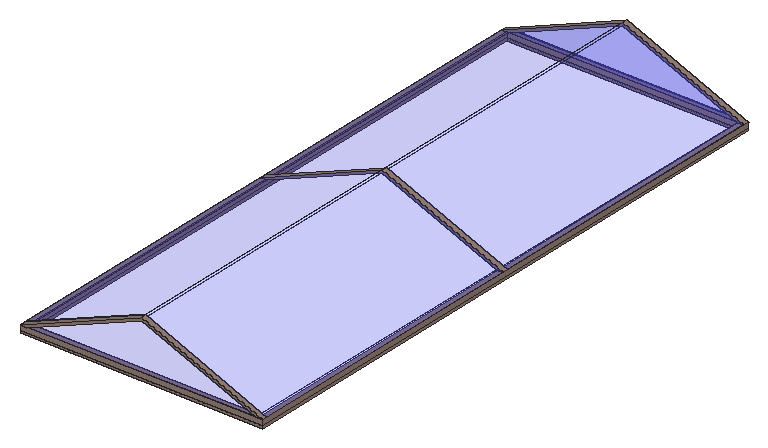
Revit family "M_Claraboia-cumeeira", category Janelas, Revit 2019
Family settings
  Hospedeiro = Telhado
  Número OmniClass = 23.30.30.00
  Título OmniClass = Skylights
  Sempre na vertical = Não
  Corte com vazios quando carregada = Não
  Compartilhado = Não
  Ponto de cálculo do ambiente = Não
Parameters (values of type "600 x 1500mm")
  Largura = 600 mm
  Visual Light Transmittance = 0.9
  Resistência térmica (R) = 0.174331 (m²·K)/W
  Solar Heat Gain Coefficient = 0.86
  Largura bruta = Largura + 15 mm  # 615 mm
  Altura bruta = Altura + 15 mm  # 1515 mm
  Ângulo da cumeeira = 22.00°
  Número de molduras = 3
  Altura = 1500 mm
  Coeficiente de transferência de calor (U) = 5.73618 W/(m²·K)
  Altura da cumeeira = tan(Ângulo da cumeeira) * Largura / 2  # 121.208 mm
  Material do painel de vidro = Vidro
  Material da moldura = Metal - Bronze, Escovado leve
  Classificação de incêndio = "0.5h"
  Altura base = 6 mm
  Código de montagem = "B2020100"
  Construção analítica = "Janelas de vidraça única – residencial"
Types (4, lengths in mm): name | Largura | Largura bruta | Altura bruta | Número de molduras | Altura | Altura da cumeeira
  (no name) | 600 | 615 | 1515 | 3 | 1500 | 121.208
  450 x 900mm | 450 | 465 | 915 | 2 | 900 | 90.906
  600 x 1500mm | 600 | 615 | 1515 | 3 | 1500 | 121.208
  900 x 1800mm | 900 | 915 | 1815 | 5 | 1800 | 181.812
Reference planes
  plane 1 "Centro (Frente/Trás)": y = 0
  plane 2 "Telhado": z = 3657.6
  plane 3 "Centro (Esquerda/Direita)": x = 0
  plane 4: x = -300
  plane 5: x = 300
  plane 6: y = 750
  plane 7: y = -750
  plane 8 "1": y = 686.5
  plane 9 "2": y = -686.5
  plane 10: x = -236.5
  plane 11: x = 236.5
  plane 12: x = -312.7
  plane 13: x = 312.7
  plane 14: y = 762.7
  plane 15: y = -762.7
  plane 16: z = 3813.6
  plane 17: z = 3826.3
  plane 18: y = 737.3
  plane 19: y = -724.6
  plane 20: x = -274.6
  plane 21: x = 274.6
  plane 22: z = 3788.2
  plane 23: z = 3947.508
  plane 24: y = 250
  plane 25: y = -250
  plane 26: y = 237.3
  plane 27: y = -237.3
  plane 28: y = -892.175
Forms (mm)
  Sweep 1, solid, material "Metal - Bronze, Escovado leve" <- "Material da moldura"
    path origin (0, 0, 3657.6) x (1, 0, 0) y (0, 1, 0)
      loop
        line (-300, 750) -> (-300, -750) -> (300, -750) -> (300, 750) -> (-300, 750)
    profile origin (0, 750, 3657.6) x (0, 1, 0) y (0, 0, 1)
      loop
        line (0, 150) -> (0, 156) -> (-12.7, 156) -> (-12.7, 150) -> (0, 150)
  Sweep 2, solid, material "Metal - Bronze, Escovado leve" <- "Material da moldura"
    path origin (0, 0, 3657.6) x (1, 0, 0) y (0, 1, 0)
      loop
        line (-300, 750) -> (-300, -750) -> (300, -750) -> (300, 750) -> (-300, 750)
    profile origin (0, 750, 3657.6) x (0, 1, 0) y (0, 0, 1)
      loop
        line (-12.7, 156) -> (0, 156) -> (0, 168.7) -> (-12.7, 168.7) -> (-12.7, 156)
  Extrusion 3, solid, material "Vidro" <- "Material do painel de vidro"
    sketch origin (0, 0, 0) x (1, 0, 0) y (0, 0, 1)
      loop
        line (-283.049, 3826.3) -> (283.049, 3826.3) -> (0, 3940.659) -> (-283.049, 3826.3)
    from -750 to -737.3
  Extrusion 4, solid, material "Vidro" <- "Material do painel de vidro"
    sketch origin (0, 0, 0) x (1, 0, 0) y (0, 0, 1)
      loop
        line (0, 3940.659) -> (-283.049, 3826.3) -> (283.049, 3826.3) -> (0, 3940.659)
    from 737.3 to 750
  Extrusion 5, solid, material "Vidro" <- "Material do painel de vidro"
    sketch origin (0, 0, 0) x (1, 0, 0) y (0, 0, 1)
      loop
        line (0, 3947.508) -> (-300, 3826.3) -> (-283.049, 3826.3) -> (0, 3940.659) -> (283.049, 3826.3) -> (300, 3826.3) -> (0, 3947.508)
    from -737.3 to 737.3
Lines and regions (mm)
  Opening 1
    outline origin (0, 0, 3807.6) x (0, 1, 0) y (-1, 0, 0)
      loop
        line (686.5, 236.5) -> (-686.5, 236.5) -> (-686.5, -236.5) -> (686.5, -236.5) -> (686.5, 236.5)
Dimensions and locks
  equal spacing: host sketch curve, plane 3 "Centro (Esquerda/Direita)", host sketch curve
  equal spacing: host sketch curve, plane 1 "Centro (Frente/Trás)", host sketch curve
  equal spacing: plane 6, plane 1 "Centro (Frente/Trás)", plane 7
  equal spacing: plane 4, plane 3 "Centro (Esquerda/Direita)", plane 5
  "Largura": plane 4 to plane 5
  "Altura": plane 6 to plane 7
  locked: plane 6 to plane 8 "1" at 63.5
  locked: plane 9 "2" to plane 7 at 63.5
  locked: plane 4 to plane 10 at 63.5
  locked: plane 11 to plane 5 at 63.5
  locked: plane 12 to plane 4 at 12.7
  locked: plane 5 to plane 13 at 12.7
  locked: plane 7 to plane 15 at 12.7
  "Altura base": host roof to plane 16
  locked: plane 19 to plane 7 at 25.4
  locked: plane 4 to plane 20 at 25.4
  locked: plane 21 to plane 5 at 25.4
  locked: plane 22 to plane 16 at 25.4
  locked: plane 14 to plane 6 at 12.7
  locked: plane 6 to plane 18 at 12.7
  locked: plane 17 to plane 16 at 12.7
  "Altura da cumeeira": plane 23 to plane 17
  equal spacing: plane 6, plane 24, plane 25, plane 7
  locked: plane 24 to plane 26 at 12.7
  locked: plane 27 to plane 25 at 12.7
  equal spacing: group 1, group 3, group 2  (x3)
  angle Extrusion 4 to Extrusion 4 = 22.00°
  aligned and locked: plane 2 "Telhado" to level
  aligned and locked: Opening 1 sketch curve to plane 8 "1"
  aligned and locked: plane 10 to Opening 1 sketch curve
  aligned and locked: plane 9 "2" to Opening 1 sketch curve
  aligned and locked: Opening 1 sketch curve to plane 11
  aligned and locked: Sweep 1 sketch curve to plane 6  (x2)
  aligned and locked: plane 4 to Sweep 1 sketch curve
  aligned and locked: plane 7 to Sweep 1 sketch curve
  aligned and locked: Sweep 1 sketch curve to plane 5
  aligned and locked: host roof to Sweep 1 sketch curve
  aligned and locked: plane 16 to Sweep 1 sketch curve
  aligned and locked: Sweep 2 sketch curve to Sweep 1  (x4)
  aligned and locked: plane 17 to Sweep 2 sketch curve
  aligned and locked: plane 16 to Sweep 2 sketch curve
  aligned and locked: plane 18 to Sweep 2 sketch curve
  aligned and locked: Sweep 1 sketch curve to plane 18
  aligned and locked: plane 6 to Sweep 2 sketch curve
  aligned and locked: nested 1 to plane 7  (x2)
  aligned and locked: plane 3 "Centro (Esquerda/Direita)" to nested 1
  aligned and locked: plane 17 to nested 1
  aligned and locked: Extrusion 3 sketch curve to nested 1  (x2)
  aligned and locked: Sweep 2 to Extrusion 3 sketch curve
  aligned and locked: plane 6 to Extrusion 3
  aligned and locked: plane 18 to Extrusion 3
  aligned and locked: Extrusion 4 sketch curve to Extrusion 3  (x2)
  aligned and locked: Sweep 2 to Extrusion 4 sketch curve
  aligned and locked: Extrusion 4 to plane 7
  aligned and locked: Sweep 2 to Extrusion 4
  aligned and locked: plane 23 to nested 1
  aligned and locked: plane 23 to nested 2
  aligned and locked: plane 6 to nested 2
  aligned and locked: Extrusion 5 sketch curve to nested 1  (x3)
  aligned and locked: Extrusion 5 sketch curve to Extrusion 4  (x2)
  aligned and locked: Extrusion 5 to plane 18
  aligned and locked: Extrusion 5 to Extrusion 4
Automatic sketch dimensions
  Extrusion 5 sketch curve to plane 4 = 0 mm
Nested families
  nested 1: "M_Moldura" at (0, -750, 3826.3), Material <- "Material da moldura", type "M_Moldura"
    with Material Metal - Bronze, Escovado leve
  nested 2: "M_Moldura" at (0, 737.3, 3826.3), Material <- "Material da moldura", type "M_Moldura"
    with Material Metal - Bronze, Escovado leve
  nested 3: "M_Moldura" at (0, -6.35, 3826.3), Material <- "Material da moldura", type "M_Moldura"
    with Material Metal - Bronze, Escovado leve
Definition of nested family "M_Moldura"
  Parameters (values of type "M_Moldura")
    Largura = 600 mm
    Material [instance] = none
    Altura = 121.208 mm
  Reference planes
    plane 1 "Centro (Frente/Trás)": y = 0
    plane 2: z = 0
    plane 3 "Centro (Esquerda/Direita)": x = 0
    plane 4: z = 121.208
    plane 5: x = -300
    plane 6: x = 300
    plane 7: y = 12.7
  Forms (mm)
    Extrusion 1, solid, material <- "Material"
      sketch origin (0, 0, 0) x (1, 0, 0) y (0, 0, 1)
        loop
          line (-300, 0) -> (-283.049, 0) -> (0, 114.359) -> (283.049, 0) -> (300, 0) -> (0, 121.208) -> (-300, 0)
      from -12.7 to 0
  Dimensions and locks
    equal spacing: plane 6, plane 3 "Centro (Esquerda/Direita)", plane 5
    "Largura": plane 6 to plane 5
    "Altura": plane 4 to plane 2
    locked: plane 7 to plane 1 "Centro (Frente/Trás)" at 12.7
    locked: Extrusion 1 sketch curve to Extrusion 1 sketch curve at 6.35  (x2)
    aligned and locked: plane 2 to level
    aligned and locked: Extrusion 1 sketch curve to plane 2  (x2)
    aligned and locked: plane 3 "Centro (Esquerda/Direita)" to Extrusion 1 sketch curve
    aligned and locked: plane 4 to Extrusion 1 sketch curve
    aligned and locked: plane 5 to Extrusion 1 sketch curve
    aligned and locked: plane 2 to Extrusion 1 sketch curve
    aligned and locked: plane 6 to Extrusion 1 sketch curve
    aligned and locked: plane 7 to Extrusion 1
    aligned and locked: plane 1 "Centro (Frente/Trás)" to Extrusion 1
